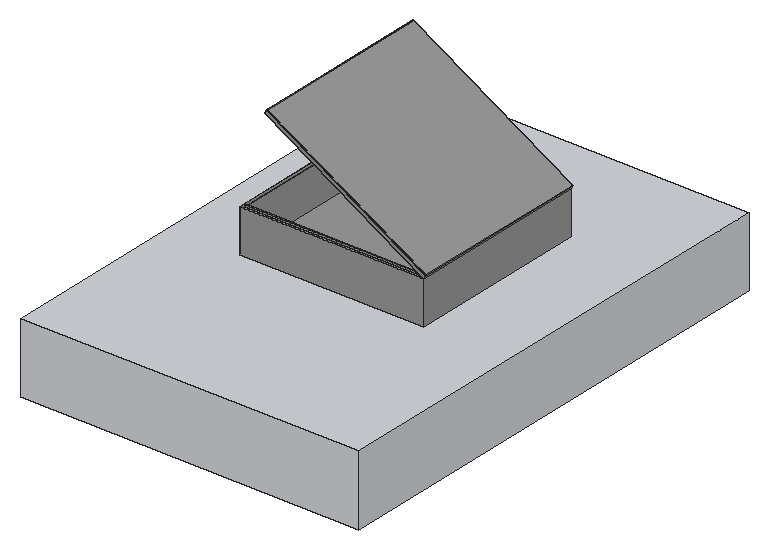
Revit family "Hager-Univers-IP44-D205-H800-Cl.II-Encl-CH-it", category Equipement électrique, Revit 2020
Family settings
  Hôte = Face
  Configuration du panneau = Deux colonnes, circuits au sein
  Cote de connecteur circulaire = Utiliser le diamètre
  Type d'élément = Tableau de raccordement
  Couper avec des vides une fois chargée = Non
  Partagée = Non
  Point de calcul de pièce = Non
Parameters (values of type "A parete IP44 L800 A800 P205  - FP53QS")
  Width Control [instance] = if([EF000008 - Larghezza] > Min Width, [EF000008 - Larghezza], Min Width)  # 800 mm
  Commentaires du type = [HG000003 - Gamma]  # "Univers"
  Thickness Door [instance] = if([EF009171 - spessore materiale porta/coperchio] > 3 mm, 3 mm, [EF009171 - spessore materiale porta/coperchio])  # 1 mm
  Seal Frame Offset [instance] = 17 mm  # constant formula
  Plinth Visibility [instance] = [HG000027 - Altezza dello zoccolo] > 0 mm  # no
  Model = ""
  Min Width [instance] = 100 mm  # constant formula
  Min Height [instance] = 100 mm  # constant formula
  Min Depth [instance] = (2 * [EF009170 - spessore materiale scatola]) + 1 mm  # 3 mm
  Internal Frame Depth [instance] = (Door System Depth * 0.5)  # 9 mm
  Height Control [instance] = if([EF000040 - Altezza] > Min Height, [EF000040 - Altezza], Min Height)  # 800 mm
  HG000027 - Altezza dello zoccolo = 0 mm
  HG000026 - A pavimento = no
  HG000024 - Altezza della sezione inferiore = 800 mm
  HG000023 - Custodia a doppia sezione = no
  HG000016 - Visibilità delle porte nella vista 3D [instance] = yes
  HG000015 - Visibilità attraverso la porta [instance] = no
  HG000014 - Porta destra [instance] = yes
  HG000013 - Porta sinistra [instance] = not([HG000014 - Porta destra])  # no
  HG000012 - Angolo di apertura della porta [instance] = 30.00°
  HG000010 - Porte asimmetriche = no
  HG000009 - Porta doppia a battente = no
  HG000006 - Ad incasso = no
  HG000004 - Codice produttore = "FP53QS"
  HG000003 - Gamma = "Univers"
  HG000002 - Con porta = yes
  Frame Offset Bottom [instance] = 10 mm  # constant formula
  Frame Offset [instance] = 15 mm  # constant formula
  EF015940 - Coprire con rilascio di sovrapressione = no
  EF011959 - tipo di protezione (NEMA) = ""
  EF009554 - numero delle aperture per la piastra della flangia = 6
  Fabricant = "Hager"  # constant formula
  EF009212 - esecuzione coperchio = "EV000116 - chiuso"
  EF009171 - spessore materiale porta/coperchio = 1 mm
  EF009170 - spessore materiale scatola = 1 mm
  EF008873 - corrente nominale (In) = 250 A
  EF007800 - adatto per parafulmine = no
  EF006306 - con serratura = no
  EF006244 - coperchio/porta trasparente = no
  EF005474 - grado di protezione (IP) = "EV006418 - IP44"
  EF004464 - tipo di porta = "EV002646 - singolo"
  EF004427 - numero di moduli = 180
  EF004293 - resistenza agli urti = "EV006815 - IK09"
  EF003532 - adatto per uso esterno = no
  EF002950 - Numero moduli DIN = 36
  EF001613 - Integrità del circuito = "EV000494 - senza"
  EF001596 - Attacco Lampada = "EV000179 - acciaio"
  EF001131 - profondità interna = 143 mm
  EF001088 - possibilità di applicazione = yes
  EF000437 - numero di ingressi per conduttori = 6
  EF000339 - tipo di copertura = "EV001012 - coperchio"
  EF000266 - numero di file = 5
  EF000218 - profondità di incasso = 0 mm
  EF000118 - con piastra di montaggio = no
  EF000116 - numero RAL = "9010"
  EF000049 - profondità = 205 mm
  EF000040 - Altezza = 800 mm
  EF000008 - Larghezza = 800 mm
  EF000007 - colore = "EV000202 - bianco"
  EF000003 - Tipo di montaggio = "EV000384 - A parete"
  Door System Leaf Tolerance [instance] = 1.5 mm  # constant formula
  Door System Depth [instance] = 18 mm  # constant formula
  Door Height [instance] = Height Control - [HG000027 - Altezza dello zoccolo]  # 800 mm
  Depth Control [instance] = if([EF000049 - profondità] > Min Depth, [EF000049 - profondità], Min Depth)  # 205 mm
  Default Elevation = 0 mm
  Connector Offset [instance] = Height Control / 2  # 400 mm
  Bottom Top Plate Trim [instance] = 1.5 mm  # constant formula
  Plinth height Ctrl [instance] = if([HG000027 - Altezza dello zoccolo] > 0 mm, [HG000027 - Altezza dello zoccolo], 12 mm)  # 12 mm
Types (5, lengths in mm): name | Width Control | HG000009 - Porta doppia a battente | HG000004 - Codice produttore | EF009554 - numero delle aperture per la piastra della flangia | EF004464 - tipo di porta | EF004427 - numero di moduli | EF002950 - Numero moduli DIN | EF000437 - numero di ingressi per conduttori | EF000008 - Larghezza
  A parete IP44 L1050 A800 P205  - FP54QS | 1050 | no | "FP54QS" | 8 | "EV003602 - doppio" | 240 | 48 | 8 | 1050
  A parete IP44 L1300 A800 P205  - FP55QS | 1300 | yes | "FP55QS" | 10 | "EV003602 - doppio" | 300 | 60 | 10 | 1300
  A parete IP44 L300 A800 P205  - FP51QS | 300 | no | "FP51QS" | 2 | "EV002646 - singolo" | 60 | 12 | 2 | 300
  A parete IP44 L550 A800 P205  - FP52QS | 550 | no | "FP52QS" | 4 | "EV002646 - singolo" | 120 | 24 | 4 | 550
  A parete IP44 L800 A800 P205  - FP53QS | 800 | no | "FP53QS" | 6 | "EV002646 - singolo" | 180 | 36 | 6 | 800
Reference planes
  plane 1 "Center (Front/Back)": y = 0
  plane 2: z = 0
  plane 3 "Center (Left/Right)": x = 0
  plane 4: z = 205
  plane 5: y = 1
  plane 6: y = 400
  plane 7: y = 0
  plane 8: y = 800
  plane 9: z = 0
  plane 10: x = -385
  plane 11: x = 385
  plane 12: x = 384
  plane 13: x = -384
  plane 14: y = 799
  plane 15: x = -383
  plane 16: x = -400
  plane 17: x = 383
  plane 18: x = 400
  plane 19: x = 399
  plane 20: x = -399
  plane 21: y = 11
  plane 22: y = 800
  plane 23: y = 784
  plane 24: z = 187
  plane 25: z = 1
  plane 26: z = 186
  plane 27: z = 204
Forms (mm)
  Extrusion 1, solid
    sketch origin (0, 0, 0) x (1, 0, 0) y (0, 1, 0)
      loop
        line (-702.964, 1305) -> (-702.964, -811.445) -> (766.763, -811.445) -> (766.763, 1305) -> (-702.964, 1305)
    from 0 to -304.8
  Extrusion 2, solid, material "Hager_Steel_RAL7035_Light_Grey", visible <- "Plinth Visibility", detail levels medium+fine
    sketch origin (0, 0, 0) x (1, 0, 0) y (0, 1, 0)
      loop
        line (-400, 0) -> (400, 0) -> (400, 12) -> (-400, 12) -> (-400, 0)
    from 0 to 187
  Extrusion 3, solid, material "Hager_Steel_RAL7035_Light_Grey", detail levels medium+fine
    sketch origin (0, 0, 0) x (1, 0, 0) y (0, 1, 0)
      loop
        line (-400, 0) -> (400, 0) -> (400, 800) -> (-400, 800) -> (-400, 0)
    from 0 to 187
  Extrusion 4, void
    sketch origin (0, 0, 0) x (1, 0, 0) y (0, 1, 0)
      loop
        line (-399, 1) -> (399, 1) -> (399, 799) -> (-399, 799) -> (-399, 1)
    from 1 to 186
  Extrusion 5, void
    sketch origin (-381.607, -4572, 187) x (0, -1, 0) y (-1, 0, 0)
      loop
        line (-4583, 2.393) -> (-5356, 2.393) -> (-5356, -765.607) -> (-4583, -765.607) -> (-4583, 2.393)
    from 0 to 1 <- "EF009170 - spessore materiale scatola"
  Extrusion 6, solid, material "Hager_Steel_RAL7035_Light_Grey", detail levels fine
    sketch origin (0, 0, 187) x (1, 0, 0) y (0, 1, 0)
      loop
        line (-384, 784) -> (-384, 11) -> (384, 11) -> (384, 784) -> (-384, 784)
      loop
        line (-385, 10) -> (385, 10) -> (385, 785) -> (-385, 785) -> (-385, 10)
    from 0 to 9 <- "Internal Frame Depth"
  Extrusion 7, solid, material "Hager_Steel_RAL7035_Light_Grey", detail levels coarse
    sketch origin (0, 0, 0) x (1, 0, 0) y (0, 1, 0)
      loop
        line (-400, 0) -> (400, 0) -> (400, 800) -> (-400, 800) -> (-400, 0)
    from 0 to 205
  Sweep 8, void
    path in 3D
      loop
        line (-400, 12, 0) -> (400, 12, 0) -> (400, 12, 187) -> (-400, 12, 187) -> (-400, 12, 0)
    profile origin (-400, 12, 93.5) x (-1, 0, 0) y (0, -1, 0)
      loop
        line (0, 0) -> (0, 1.5) -> (-1.5, 1.5)
        arc (-1.5, 1.5) -> (-1.061, 0.439) -> (0, 0) r 1.5
Cuts and joins
  Extrusion 4, Extrusion 5 cuts Extrusion 3
  Sweep 8 cuts Extrusion 2
Lines and regions (mm)
  Masking region 1
    outline origin (0, 0, 0) x (1, 0, 0) y (0, 0, 1)
      loop
        line (-400, 205) -> (-400, 0) -> (400, 0) -> (400, 205) -> (-400, 205)
  Masking region 2, detail levels medium+fine
    outline origin (0, 140, 0) x (0, 1, 0) y (0, 0, 1)
      loop
        line (-140, 0) -> (660, 0) -> (660, 187) -> (-140, 187) -> (-140, 0)
  Masking region 3, not visible, detail levels medium+fine
    outline origin (0, 297.922, 0) x (0, 1, 0) y (0, 0, 1)
      loop
        line (113.578, 0) -> (153.578, 0) -> (153.578, 194)
        arc (153.578, 194) -> (150.649, 201.071) -> (143.578, 204) r 10
        line (143.578, 204) -> (113.578, 204) -> (113.578, 0)
  Masking region 4, detail levels coarse
    outline origin (0, 0, 180) x (0, 1, 0) y (0, 0, 1)
      loop
        line (0, -180) -> (800, -180) -> (800, 25) -> (0, 25) -> (0, -180)
  Masking region 5, visible <- "Plinth Visibility", detail levels medium+fine
    outline origin (0, 52.24, 12.345) x (0, 0, -1) y (0, 1, 0)
      loop
        line (10.845, -40.24) -> (-173.155, -40.24)
        arc (-173.155, -40.24) -> (-173.594, -41.301) -> (-174.655, -41.74) r 1.5
        line (-174.655, -41.74) -> (-174.655, -52.24) -> (12.345, -52.24) -> (12.345, -41.74)
        arc (12.345, -41.74) -> (11.285, -41.301) -> (10.845, -40.24) r 1.5
  Masking region 6, detail levels medium+fine
    outline origin (-381.607, -4572, 187) x (-1, 0, 0) y (0, -1, 0)
      loop
        line (18.393, -5372) -> (18.393, -4572) -> (-781.607, -4572) -> (-781.607, -5372) -> (18.393, -5372)
  Masking region 7, visible <- "Plinth Visibility", detail levels medium+fine
    outline origin (-381.607, -4727, 187) x (-1, 0, 0) y (0, -1, 0)
      loop
        arc (16.893, -4739) -> (17.332, -4737.939) -> (18.393, -4737.5) r 1.5
        line (18.393, -4737.5) -> (18.393, -4727) -> (-781.607, -4727) -> (-781.607, -4737.5)
        arc (-781.607, -4737.5) -> (-780.546, -4737.939) -> (-780.107, -4739) r 1.5
        line (-780.107, -4739) -> (16.893, -4739)
  Masking region 8, detail levels coarse
    outline origin (-442.548, -4669.526, 187) x (-1, 0, 0) y (0, -1, 0)
      loop
        line (-42.548, -5469.526) -> (-42.548, -4669.526) -> (-842.548, -4669.526) -> (-842.548, -5469.526) -> (-42.548, -5469.526)
  sketch lines
    curve 1: line (-400, 12, 187) -> (-400, 12, 0)
    curve 2: line (400, 12, 187) -> (-400, 12, 187)
    curve 3: line (400, 12, 187) -> (400, 12, 0)
    curve 4: line (-400, 12, 0) -> (400, 12, 0)
Dimensions and locks
  "Depth Control": plane 4 to Extrusion 1
  "HG000027 - Altezza dello zoccolo": plane 1 "Center (Front/Back)" to plane 7
  "EF009170 - spessore materiale scatola": plane 5 to plane 7
  locked: connector elem to plane 3 "Center (Left/Right)"
  equal spacing: plane 8, plane 6, plane 7
  locked: connector elem to plane 6
  "EF009170 - spessore materiale scatola": plane 8 to plane 14
  "EF009170 - spessore materiale scatola": plane 10 to plane 13
  "EF009170 - spessore materiale scatola": plane 12 to plane 11
  "Frame Offset": plane 20 to plane 13
  "Frame Offset": plane 12 to plane 19
  "EF009170 - spessore materiale scatola": plane 16 to plane 20
  "EF009170 - spessore materiale scatola": plane 19 to plane 18
  "Seal Frame Offset": plane 16 to plane 15
  "Seal Frame Offset": plane 17 to plane 18
  "Frame Offset Bottom": plane 21 to plane 5
  "Frame Offset": plane 14 to plane 23
  equal spacing: plane 16, plane 3 "Center (Left/Right)", plane 18
  "Width Control": plane 16 to plane 18
  "EF009170 - spessore materiale scatola": plane 4 to plane 27
  "EF009170 - spessore materiale scatola": plane 24 to plane 26
  "EF009170 - spessore materiale scatola": plane 25 to level
  "Door System Depth": plane 4 to plane 24
  "Height Control": plane 1 "Center (Front/Back)" to Extrusion 7 sketch curve
  "Height Control": Masking region 4 sketch curve to plane 1 "Center (Front/Back)"
  "Height Control": plane 1 "Center (Front/Back)" to plane 22
  "Bottom Top Plate Trim": profile plane to Sweep 8 sketch curve
  "Bottom Top Plate Trim": Sweep 8 sketch curve to profile plane
  "Plinth height Ctrl": plane 1 "Center (Front/Back)" to Extrusion 2 sketch curve
  "Plinth height Ctrl": Masking region 5 sketch curve to plane 1 "Center (Front/Back)"
  "Plinth height Ctrl": plane 1 "Center (Front/Back)" to Masking region 7 sketch curve
  "Thickness Door": Extrusion 6 sketch curve to Extrusion 6 sketch curve  (x3)
  "Thickness Door": cut or joined group of Extrusion 3, Extrusion 4, Extrusion 5 to Extrusion 6 sketch curve
  radius of Masking region 3 sketch curve = 10 mm
  "Bottom Top Plate Trim": radius of Masking region 5 sketch curve  (x2)
  "Bottom Top Plate Trim": radius of Sweep 8 sketch curve
  "Bottom Top Plate Trim": radius of Masking region 7 sketch curve  (x2)
  aligned and locked: plane 2 to Extrusion 1
  aligned and locked: level to Extrusion 1
  aligned and locked: level to Masking region 1 sketch curve
  aligned and locked: Masking region 1 sketch curve to plane 18
  aligned and locked: Masking region 1 sketch curve to plane 16
  aligned and locked: plane 7 to Masking region 2 sketch curve
  aligned and locked: level to Masking region 3 sketch curve
  aligned and locked: Masking region 3 sketch curve to plane 27
  aligned and locked: level to Masking region 2 sketch curve
  aligned and locked: plane 1 "Center (Front/Back)" to Extrusion 2 sketch curve
  aligned and locked: Extrusion 3 sketch curve to plane 7
  aligned and locked: plane 16 to Extrusion 3 sketch curve
  aligned and locked: plane 18 to Extrusion 3 sketch curve
  aligned and locked: plane 20 to Extrusion 4 sketch curve
  aligned and locked: plane 19 to Extrusion 4 sketch curve
  aligned and locked: Extrusion 4 sketch curve to plane 5
  aligned and locked: Extrusion 4 to plane 25
  aligned and locked: plane 26 to Extrusion 4
  aligned and locked: plane 24 to Extrusion 3
  aligned and locked: Extrusion 5 sketch curve to plane 21
  aligned and locked: Extrusion 5 sketch curve to plane 13
  aligned and locked: Extrusion 5 sketch curve to plane 12
  aligned and locked: plane 18 to Extrusion 7 sketch curve
  aligned and locked: plane 1 "Center (Front/Back)" to Extrusion 7 sketch curve
  aligned and locked: plane 16 to Extrusion 7 sketch curve
  aligned and locked: plane 4 to Extrusion 7
  aligned and locked: Extrusion 7 to level
  aligned and locked: level to Masking region 4 sketch curve
  aligned and locked: Masking region 4 sketch curve to plane 1 "Center (Front/Back)"
  aligned and locked: Masking region 4 sketch curve to plane 4
  aligned and locked: nested 1 to level
  aligned and locked: nested 1 to plane 16
  aligned and locked: plane 8 to Extrusion 3 sketch curve
  aligned and locked: plane 23 to Extrusion 5 sketch curve
  aligned and locked: plane 14 to Extrusion 4 sketch curve
  aligned and locked: Masking region 2 sketch curve to plane 8
  aligned and locked: level to Masking region 5 sketch curve
  aligned and locked: plane 16 to Extrusion 2 sketch curve
  aligned and locked: plane 18 to Extrusion 2 sketch curve
  aligned and locked: Masking region 5 sketch curve to plane 24
  aligned and locked: Masking region 2 sketch curve to plane 24
  aligned and locked: plane 24 to Extrusion 2
  aligned and locked: profile plane to Sweep 8 sketch curve  (x2)
  aligned and locked: Masking region 6 sketch curve to plane 18
  aligned and locked: Masking region 6 sketch curve to plane 22
  aligned and locked: Masking region 6 sketch curve to plane 16
  aligned and locked: plane 8 to plane 22
  aligned and locked: Masking region 6 sketch curve to plane 7
  aligned and locked: Masking region 7 sketch curve to plane 16
  aligned and locked: Masking region 7 sketch curve to plane 1 "Center (Front/Back)"
  aligned and locked: Masking region 7 sketch curve to plane 18
  aligned and locked: Masking region 8 sketch curve to plane 1 "Center (Front/Back)"
  aligned and locked: Masking region 8 sketch curve to plane 18
  aligned and locked: Masking region 8 sketch curve to plane 22
  aligned and locked: Masking region 8 sketch curve to plane 16
  aligned and locked: nested 2 to plane 7
  aligned and locked: plane 3 "Center (Left/Right)" to nested 2
  aligned and locked: nested 2 to plane 24
  aligned and locked: Extrusion 6 sketch curve to cut or joined group of Extrusion 3, Extrusion 4, Extrusion 5  (x4)
Automatic sketch dimensions
  Extrusion 1 sketch curve to Extrusion 1 sketch curve = 1469.727 mm
  Extrusion 1 sketch curve to Extrusion 1 sketch curve = 2116.445 mm
  Masking region 1 sketch curve to plane 4 = 0 mm
  plane 6 to Masking region 3 sketch curve = 11.5 mm
  Masking region 3 sketch curve to Masking region 3 sketch curve = 30 mm
  Masking region 5 sketch curve to plane 1 "Center (Front/Back)" = 0 mm
Nested families
  nested 1: "Hager_Enclosure_Symbol" at (-400, 0, 0) x (1, 0, 0) z (0, -1, 0), Height <- "Depth Control", Width <- "Width Control", type "Hager_Enclosure_Symbol"
    with Width_Ctrl 800 mm, Width 800 mm, Height_Ctrl 205 mm, Height 205 mm, A_Width_Int 13.453 mm, A_Width 161.438 mm, A_Height_Ctrl 179.375 mm, A_Height 179.375 mm
  nested 2: "EC000058_Univers_Door" at (0, 0, 187) x (1, 0, 0) z (0, 1, 0), Leaf_Tolerance <- "Door System Leaf Tolerance", Angle <- "HG000012 - Angolo di apertura della porta", Door_Depth <- "Door System Depth", Door_Left <- "HG000013 - Porta sinistra", Transparent <- "EF006244 - coperchio/porta trasparente", Assymetrical <- "HG000010 - Porte asimmetriche", Width <- "Width Control", Clearance <- "HG000015 - Visibilità attraverso la porta", Double <- "HG000009 - Porta doppia a battente", 3d_Door <- "HG000016 - Visibilità delle porte nella vista 3D", Lock_Visibility <- "EF006306 - con serratura", Width_Ctrl <- "Width Control", Door_Right <- "HG000014 - Porta destra", Door <- "HG000002 - Con porta", Height <- "Door Height", Thickness <- "Thickness Door", type "EC000058_Univers_Door", detail levels medium+fine
    with min_wh 3 mm, Width_Ctrl 800 mm, Width 800 mm, Transparent no, Thickness 1 mm, Seal_Material Hager_Rubber, Lock_Visibility no, Lock_Material Hager_Plastic_RAL9005_Jet_Black, Leaf_Width 800 mm, Leaf_Tolerance_External_Sides 0 mm, Leaf_Tolerance 1.5 mm, Leaf_Offset 0 mm, Leaf_Height 797 mm, Leaf_2_Width 800 mm, Leaf_2_Offset 400 mm, Leaf_1_Width 800 mm, Leaf_1_Offset 400 mm, Height_Ctrl 800 mm, Height 800 mm, Glass_Material Hager_Glass, Double_Clearance_Ctrl no, Double no, Door_Right_Ctrl yes, Door_Right yes, Door_Material Hager_Steel_RAL7035_Light_Grey, Door_Left_Ctrl no, Door_Left no, Door_Depth 18 mm, Door yes, Clearance_Material Hager_Clearance, Clearance_Depth 800 mm, Clearance_Ctrl no, Clearance no, Assymetrical no, Angle 30.00°, 3d_Door yes
Connectors
  electrical at (0, 400, 0)
    settings: on plane 9, index 1, voltage 0 V, apparent load 0 VA, apparent load phase1 0 VA, apparent load phase2 0 VA, apparent load phase3 0 VA, power factor 1, load classification "Other", number of poles 1, system type 30, power factor state 1, is connector primary yes, connector utility no, sub classification motor no, connector description ""
Definition of nested family "EC000058_Univers_Door"
  Parameters (values of type "EC000058_Univers_Door")
    min_wh [instance] = (2 * Thickness) + 1 mm  # 11 mm
    Width_Ctrl [instance] = 400 mm
    Width [instance] = 500 mm
    Transparent [instance] = yes
    Thickness [instance] = 5 mm
    Seal_Material [instance] = none
    Lock_Visibility [instance] = yes
    Lock_Material [instance] = none
    Leaf_Width [instance] = if((Width_Ctrl - 2 * Leaf_Tolerance_External_Sides) > 0 mm, (Width_Ctrl - 2 * Leaf_Tolerance_External_Sides), min_wh)  # 400 mm
    Leaf_Tolerance_External_Sides [instance] = 0 mm  # constant formula
    Leaf_Tolerance [instance] = 1.5 mm
    Leaf_Offset [instance] = 0 mm  # constant formula
    Leaf_Height [instance] = if((Height_Ctrl - 2 * Leaf_Tolerance) > 0 mm, (Height_Ctrl - 2 * Leaf_Tolerance), min_wh)  # 497 mm
    Leaf_2_Width [instance] = if(and(and(Double, Assymetrical), Door_Left), (Leaf_Width / 3) - (Leaf_Tolerance / 2), if(and(and(Double, Assymetrical), Door_Right), (Leaf_Width / 3) * 2 - (Leaf_Tolerance / 2), if(and(Double, not(Assymetrical)), (Leaf_Width / 2) - Leaf_Tolerance, Leaf_Width)))  # 400 mm
    Leaf_2_Offset [instance] = if(and(Double, Assymetrical), Leaf_2_Width / 2, if(and(Double, not(Assymetrical)), Leaf_Width / 4, Leaf_Width / 2))  # 200 mm
    Leaf_1_Width [instance] = if(and(and(Double, Assymetrical), Door_Right), (Leaf_Width / 3) - (Leaf_Tolerance / 2), if(and(and(Double, Assymetrical), Door_Left), (Width / 3) * 2 - (Leaf_Tolerance / 2), if(and(Double, not(Assymetrical)), (Leaf_Width / 2) - Leaf_Tolerance, Leaf_Width)))  # 400 mm
    Leaf_1_Offset [instance] = if(and(Double, Assymetrical), Leaf_1_Width / 2, if(and(Double, not(Assymetrical)), Leaf_Width / 4, Leaf_Width / 2))  # 200 mm
    Height_Ctrl [instance] = if(Height > min_wh, Height, min_wh)  # 500 mm
    Height [instance] = 500 mm
    Glass_Material [instance] = none
    Double_Clearance_Ctrl [instance] = and(Double, Clearance)  # no
    Double [instance] = no
    Door_Right_Ctrl [instance] = and(or(Door_Right, Double), Door)  # yes
    Door_Right [instance] = yes
    Door_Material [instance] = none
    Door_Left_Ctrl [instance] = and(or(Door_Left, Double), Door)  # no
    Door_Left [instance] = no
    Door_Depth [instance] = 30 mm
    Door [instance] = yes
    Default Elevation = 1219.2 mm
    Clearance_Material [instance] = none
    Clearance_Depth [instance] = if(Leaf_1_Width > Leaf_2_Width, Leaf_1_Width, Leaf_2_Width)  # 400 mm
    Clearance_Ctrl [instance] = and(not(Double), Clearance)  # yes
    Clearance [instance] = yes
    Assymetrical [instance] = yes
    Angle [instance] = 30.00°
    3d_Door [instance] = yes
  Reference planes
    plane 1 "Center (Front/Back)": y = 0
    plane 2 "Bottom": z = 0
    plane 3 "Center (Left/Right)": x = 0
    plane 4: z = 500
    plane 5: x = -200
    plane 6: x = 200
    plane 7: z = 500
    plane 8: x = -200
    plane 9: z = 0
    plane 10: x = 200
    plane 11: y = 0
    plane 12: z = 1.5
    plane 13: x = -600
    plane 14: y = -400
    plane 15: x = 600
    plane 16: x = 0
    plane 17: x = 0
    plane 18: x = -200
    plane 19: x = 200
    plane 20: z = 498.5
  Forms (mm)
    Extrusion 1, solid, material <- "Clearance_Material", visible <- "Double_Clearance_Ctrl"
      sketch origin (1200, 0, 0) x (1, 0, 0) y (0, 0, -1)
        loop
          line (-1800, -498.5) -> (-600, -498.5) -> (-600, 0) -> (-1800, 0) -> (-1800, -498.5)
      from 0 to -400
  Dimensions and locks
    equal spacing: plane 5, plane 3 "Center (Left/Right)", plane 6
    "Width_Ctrl": plane 5 to plane 6
    "Leaf_Offset": plane 5 to plane 8
    "Leaf_Offset": plane 6 to plane 10
    "Leaf_Offset": plane 9 to level
    "Leaf_Offset": plane 4 to plane 7
    "Height_Ctrl": plane 4 to level
    "Leaf_Tolerance": plane 12 to plane 9
    locked: plane 11 to plane 1 "Center (Front/Back)"
    "Leaf_1_Offset": plane 18 to plane 16
    "Leaf_2_Offset": plane 17 to plane 19
    "Leaf_1_Width": plane 13 to plane 8
    "Leaf_2_Width": plane 10 to plane 15
    "Clearance_Depth": plane 14 to plane 1 "Center (Front/Back)"
    "Leaf_Tolerance_External_Sides": plane 8 to plane 18
    "Leaf_Tolerance_External_Sides": plane 19 to plane 10
    "Leaf_Tolerance": plane 7 to plane 20
    aligned and locked: level to plane 2 "Bottom"
    aligned and locked: nested 1 to plane 16
    aligned and locked: nested 2 to plane 17
    aligned and locked: Extrusion 1 to plane 13
    aligned and locked: plane 15 to Extrusion 1
    aligned and locked: Extrusion 1 to plane 14
    aligned and locked: plane 12 to nested 1
    aligned and locked: nested 2 to plane 12
    aligned and locked: Extrusion 1 to plane 11
    aligned and locked: plane 20 to Extrusion 1
    aligned and locked: nested 2 to plane 11
    aligned and locked: nested 1 to plane 11
  Automatic sketch dimensions
    Extrusion 1 sketch curve to level = 0 mm
    plane 5 to Extrusion 1 sketch curve = 400 mm
    plane 6 to Extrusion 1 sketch curve = 400 mm
    Extrusion 1 sketch curve to plane 4 = 1.5 mm
  Nested families
    nested 1: "EC000058_Univers_Door_Leaf" at (0, 0, 1.5), Width <- "Leaf_1_Width", visible <- "Door_Left_Ctrl", Leaf_Height <- "Leaf_Height", Angle <- "Angle", 3d_Door <- "3d_Door", Transparent <- "Transparent", Clearance Material <- "Clearance_Material", Clearance <- "Clearance_Ctrl", Door_Material <- "Door_Material", Glass_Material <- "Glass_Material", Door_Depth <- "Door_Depth", Lock_Material <- "Lock_Material", Seal_Material <- "Seal_Material", Lock_Visibility <- "Lock_Visibility", Thickness <- "Thickness", type "EC000058_Univers_Door_Leaf"
      with Width 400 mm, Transparent_Glass_Offset 30 mm, Transparent_Ctrl yes, Transparent yes, Thickness 5 mm, Standard no, Seal_Material none, Seal_D2 8 mm, Seal_D1 1 mm, Offset_Internal_Frame 10 mm, Lock_Width 20 mm, Lock_Visibility_3d yes, Lock_Visibility yes, Lock_Thickness_3 3 mm, Lock_Thickness_2 1 mm, Lock_Thickness_1 3 mm, Lock_Radius_Offset_2 16 mm, Lock_Radius_Offset_1 15 mm, Lock_Radius_2 5 mm, Lock_Radius 6 mm, Lock_Offset 5 mm, Lock_Material none, Lock_Height 80 mm, Lock_Cover_Top_Offset_2d 17 mm, Lock_Cover_Height -65 mm, Leaf_Height 497 mm, Internal_Seal_Thickness 8 mm, Internal_Seal_Depth_2 4.5 mm, Internal_Frame_Depth 25 mm, Glass_Thickness -1 mm, Glass_Offset -2 mm, Glass_Material none, Door_Material none, Door_Depth 30 mm, Clearance Material none, Clearance yes, Angle_Ctrl 30.00°, Angle 30.00°, 3d_Door yes
    nested 2: "EC000058_Univers_Door_Leaf" at (0, 0, 1.5) x (-1, 0, 0) z (0, 0, 1), Width <- "Leaf_2_Width", visible <- "Door_Right_Ctrl", Leaf_Height <- "Leaf_Height", Angle <- "Angle", 3d_Door <- "3d_Door", Transparent <- "Transparent", Clearance Material <- "Clearance_Material", Clearance <- "Clearance_Ctrl", Door_Material <- "Door_Material", Glass_Material <- "Glass_Material", Door_Depth <- "Door_Depth", Lock_Material <- "Lock_Material", Seal_Material <- "Seal_Material", Lock_Visibility <- "Lock_Visibility", Thickness <- "Thickness", type "EC000058_Univers_Door_Leaf"
      with Width 400 mm, Transparent_Glass_Offset 30 mm, Transparent_Ctrl yes, Transparent yes, Thickness 5 mm, Standard no, Seal_Material none, Seal_D2 8 mm, Seal_D1 1 mm, Offset_Internal_Frame 10 mm, Lock_Width 20 mm, Lock_Visibility_3d yes, Lock_Visibility yes, Lock_Thickness_3 3 mm, Lock_Thickness_2 1 mm, Lock_Thickness_1 3 mm, Lock_Radius_Offset_2 16 mm, Lock_Radius_Offset_1 15 mm, Lock_Radius_2 5 mm, Lock_Radius 6 mm, Lock_Offset 5 mm, Lock_Material none, Lock_Height 80 mm, Lock_Cover_Top_Offset_2d 17 mm, Lock_Cover_Height -65 mm, Leaf_Height 497 mm, Internal_Seal_Thickness 8 mm, Internal_Seal_Depth_2 4.5 mm, Internal_Frame_Depth 25 mm, Glass_Thickness -1 mm, Glass_Offset -2 mm, Glass_Material none, Door_Material none, Door_Depth 30 mm, Clearance Material none, Clearance yes, Angle_Ctrl 30.00°, Angle 30.00°, 3d_Door yes
  Definition of nested family "EC000058_Univers_Door_Leaf"
    Parameters (values of type "EC000058_Univers_Door_Leaf")
      Width [instance] = 2000 mm
      Transparent_Glass_Offset [instance] = 30 mm
      Transparent_Ctrl [instance] = and(Transparent, [3d_Door])  # yes
      Transparent [instance] = yes
      Thickness [instance] = 5 mm
      Standard [instance] = and(not(Transparent), [3d_Door])  # no
      Seal_Material [instance] = none
      Seal_D2 [instance] = 8 mm  # constant formula
      Seal_D1 [instance] = 1 mm  # constant formula
      Offset_Internal_Frame [instance] = 10 mm  # constant formula
      Lock_Width [instance] = 20 mm  # constant formula
      Lock_Visibility_3d [instance] = and(Lock_Visibility, [3d_Door])  # yes
      Lock_Visibility [instance] = yes
      Lock_Thickness_3 [instance] = 3 mm  # constant formula
      Lock_Thickness_2 [instance] = 1 mm  # constant formula
      Lock_Thickness_1 [instance] = 3 mm  # constant formula
      Lock_Radius_Offset_2 [instance] = Lock_Radius_Offset_1 + 1 mm  # 16 mm
      Lock_Radius_Offset_1 [instance] = 15 mm  # constant formula
      Lock_Radius_2 [instance] = Lock_Radius - 1 mm  # 5 mm
      Lock_Radius [instance] = 6 mm  # constant formula
      Lock_Offset [instance] = 5 mm  # constant formula
      Lock_Material [instance] = none
      Lock_Height [instance] = 80 mm  # constant formula
      Lock_Cover_Top_Offset_2d [instance] = Lock_Radius_Offset_2 + 1 mm  # 17 mm
      Lock_Cover_Height [instance] = -(Lock_Height - Lock_Radius_Offset_1)  # -65 mm
      Leaf_Height [instance] = 2720.336 mm
      Internal_Seal_Thickness [instance] = 8 mm  # constant formula
      Internal_Seal_Depth_2 [instance] = 4.5 mm  # constant formula
      Internal_Frame_Depth [instance] = if(Door_Depth - Thickness > 5 mm, Door_Depth - Thickness, 5 mm)  # 25 mm
      Glass_Thickness [instance] = if(Thickness > 15 mm, Glass_Offset + 10 mm, -1 mm)  # -1 mm
      Glass_Offset [instance] = if(Thickness > 15 mm, -(Thickness + 10 mm) / 2, -2 mm)  # -2 mm
      Glass_Material [instance] = none
      Door_Material [instance] = none
      Door_Depth [instance] = 30 mm
      Default Elevation = 0 mm
      Clearance Material [instance] = none
      Clearance [instance] = yes
      Angle_Ctrl [instance] = if(Angle > 180.00°, 180.00°, Angle)  # 90.00°
      Angle [instance] = 90.00°
      3d_Door [instance] = yes
    Reference planes
      plane 1 "Center (Front/Back)": y = 0
      plane 2: z = 0
      plane 3 "Center (Left/Right)": x = 0
      plane 4: y = 2000
      plane 5: x = -1000
      plane 6: x = 1000
      plane 7: x = -3000
      plane 8: z = 2720.336
      plane 9: z = 30
      plane 10: z = 2690.336
      plane 11: x = 970
      plane 12: x = -970
      plane 13: y = -3
      plane 14: z = 107.833
      plane 15: y = -5
      plane 16: y = -223.314
      plane 17: x = -1000
      plane 18: z = 1360.168
      plane 19: y = 30
    Forms (mm)
      Extrusion 1, solid, material <- "Clearance Material", visible <- "Clearance"
        sketch origin (0, 0, 0) x (1, 0, 0) y (0, 0, 1)
          loop
            line (-3000, 2720.336) -> (-3000, 0) -> (1000, 0) -> (1000, 2720.336) -> (-3000, 2720.336)
        from 0 to -2000
      Extrusion 2, solid, material <- "Door_Material", visible <- "Standard", detail levels medium+fine
        sketch origin (-1000, 0, 0) x (0, 1, 0) y (-1, 0, 0)
          loop
            line (0, 30) -> (0, 25) -> (2000, 25) -> (2000, 30) -> (0, 30)
        from 0 to 2720.336 <- "Leaf_Height"
      Extrusion 3, solid, material <- "Door_Material", visible <- "Transparent_Ctrl", detail levels medium+fine
        sketch origin (-1000, 0, 0) x (0, 1, 0) y (-1, 0, 0)
          loop
            line (0, 25) -> (2000, 25) -> (2000, 30) -> (0, 30) -> (0, 25)
        from 0 to 2720.336 <- "Leaf_Height"
      Extrusion 4, void
        sketch origin (-1025, 2000, 0) x (0, 1, 0) y (0, 0, -1)
          loop
            line (-30, -2690.336) -> (-30, -30) -> (-1970, -30) -> (-1970, -2690.336) -> (-30, -2690.336)
        from 0 to 5 <- "Thickness"
      Sweep 5, solid, material <- "Seal_Material", visible <- "Transparent_Ctrl", detail levels fine
        path in 3D
          loop
            line (-1025, 30, 30) -> (-1025, 30, 2690.336) -> (-1025, 1970, 2690.336) -> (-1025, 1970, 30) -> (-1025, 30, 30)
        profile origin (-1025, 1000, 30) x (1, 0, 0) y (0, 0, 1)
          loop
            line (0, 0) -> (0, -8) -> (1, -8) -> (1, 0) -> (0, 0)
      Extrusion 6, solid, material <- "Glass_Material", visible <- "Transparent_Ctrl", detail levels medium+fine
        sketch origin (-1030, 0, 0) x (0, 1, 0) y (0, 0, -1)
          loop
            line (1970, -2690.336) -> (1970, -30) -> (30, -30) -> (30, -2690.336) -> (1970, -2690.336)
        from -2 <- "Glass_Offset" to -1 <- "Glass_Thickness"
      Extrusion 7, solid, material <- "Door_Material", visible <- "3d_Door", detail levels medium+fine
        sketch origin (-1025, 2000, 0) x (0, -1, 0) y (0, 0, -1)
          loop
            line (0, -2720.336) -> (2000, -2720.336) -> (2000, 0) -> (0, 0) -> (0, -2720.336)
          loop
            line (1995, -5) -> (5, -5) -> (5, -2715.336) -> (1995, -2715.336) -> (1995, -5)
        from 0 to 25 <- "Internal_Frame_Depth"
      Sweep 8, solid, material <- "Seal_Material", visible <- "Transparent_Ctrl", detail levels fine
        path in 3D
          loop
            line (-1025, 0, 0) -> (-1025, 2000, 0) -> (-1025, 2000, 2720.336) -> (-1025, 0, 2720.336) -> (-1025, 0, 0)
        profile origin (-1025, 0, 1360.168) x (1, 0, 0) y (0, 1, 0)
          loop
            line (0, 10) -> (2.975, 10)
            arc (2.975, 10) -> (4.053, 10.447) -> (4.5, 11.525) r 1.525
            line (4.5, 11.525) -> (4.5, 16.527)
            arc (4.5, 16.527) -> (4.069, 17.569) -> (3.027, 18) r 1.473
            line (3.027, 18) -> (0, 18) -> (0, 10)
      Extrusion 9, solid, material <- "Lock_Material", visible <- "Lock_Visibility_3d", detail levels fine
        sketch origin (-1030, 0, 0) x (0, 1, 0) y (0, 0, -1)
          loop
            arc (1993.5, -1400.168) -> (1994.561, -1399.729) -> (1995, -1398.668) r 1.5
            line (1995, -1398.668) -> (1995, -1320.168) -> (1975, -1320.168) -> (1975, -1398.668)
            arc (1975, -1398.668) -> (1975.439, -1399.729) -> (1976.5, -1400.168) r 1.5
            line (1976.5, -1400.168) -> (1993.5, -1400.168)
        from 3 <- "Lock_Thickness_1" to 0
      Blend 10, solid, material <- "Lock_Material", visible <- "Lock_Visibility_3d", detail levels fine
        base sketch origin (-1033, 0, 0) x (0, 1, 0) y (0, 0, -1)
          loop
            line (1975, -1320.168) -> (1975, -1398.668)
            arc (1975, -1398.668) -> (1975.439, -1399.729) -> (1976.5, -1400.168) r 1.5
            line (1976.5, -1400.168) -> (1993.5, -1400.168)
            arc (1993.5, -1400.168) -> (1994.561, -1399.729) -> (1995, -1398.668) r 1.5
            line (1995, -1398.668) -> (1995, -1320.168) -> (1975, -1320.168)
        top sketch origin (-1033, 0, 0) x (0, 1, 0) y (0, 0, -1)
          loop
            line (1976, -1320.168) -> (1976, -1398.668)
            arc (1976, -1398.668) -> (1976.146, -1399.022) -> (1976.5, -1399.168) r 0.5
            line (1976.5, -1399.168) -> (1993.5, -1399.168)
            arc (1993.5, -1399.168) -> (1993.854, -1399.022) -> (1994, -1398.668) r 0.5
            line (1994, -1398.668) -> (1994, -1320.168) -> (1976, -1320.168)
        from 0 to 1 <- "Lock_Thickness_2"
      Blend 11, solid, material <- "Lock_Material", visible <- "Lock_Visibility_3d", detail levels fine
        base sketch origin (-1034, 0, 0) x (0, 1, 0) y (0, 0, -1)
          loop
            line (1978, -1320.168) -> (1978, -1384.168)
            arc (1978, -1384.168) -> (1985, -1391.168) -> (1992, -1384.168) r 7
            line (1992, -1384.168) -> (1992, -1320.168) -> (1978, -1320.168)
        top sketch origin (-1034, 0, 0) x (0, 1, 0) y (0, 0, -1)
          loop
            line (1991, -1320.168) -> (1979, -1320.168) -> (1979, -1383.168)
            arc (1979, -1383.168) -> (1985, -1389.168) -> (1991, -1383.168) r 6
            line (1991, -1383.168) -> (1991, -1320.168)
        from 0 to 3 <- "Lock_Thickness_3"
      Extrusion 12, solid, material <- "Lock_Material", visible <- "Lock_Visibility_3d", detail levels fine
        sketch origin (-1030, 1975, 1320.168) x (1, 0, 0) y (0, -1, 0)
          loop
            line (-7, -19) -> (-7, -1) -> (0, -1) -> (0, 0) -> (-8, 0) -> (-8, -20) -> (0, -20) -> (0, -19) -> (-7, -19)
        from 0 to -65 <- "Lock_Cover_Height"
      Extrusion 13, void
        sketch origin (-1038, 1995, 1320.168) x (-1, 0, 0) y (0, 0, -1)
          loop
            line (-5, -65) -> (0, -65) -> (-5, -60) -> (-5, -65)
        from 0 to 20 <- "Lock_Width"
      Extrusion 14, void
        sketch origin (-1038, 1975, 1320.168) x (0, -1, 0) y (0, 0, -1)
          loop
            circle (-10, -15.995) r 6
          loop
            circle (-10, -15.995) r 5
        from 0 to 2
      Extrusion 15, solid, material <- "Lock_Material", visible <- "Lock_Visibility_3d", detail levels medium
        sketch origin (-1030, 0, 0) x (0, 1, 0) y (0, 0, -1)
          loop
            arc (1993.5, -1400.168) -> (1994.561, -1399.729) -> (1995, -1398.668) r 1.5
            line (1995, -1398.668) -> (1995, -1320.168) -> (1975, -1320.168) -> (1975, -1398.668)
            arc (1975, -1398.668) -> (1975.439, -1399.729) -> (1976.5, -1400.168) r 1.5
            line (1976.5, -1400.168) -> (1993.5, -1400.168)
        from 8 to 0
    Cuts and joins
      Extrusion 4 cuts Extrusion 3
      Extrusion 13, Extrusion 14 cuts Extrusion 9
      Extrusion 14 cuts Blend 11
      Extrusion 13, Extrusion 14 cuts Extrusion 12
      joined: Extrusion 9, Blend 10, Blend 11, Extrusion 12
      Extrusion 14 cuts Extrusion 15
    Lines and regions (mm)
      Masking region 1, visible <- "Lock_Visibility", detail levels fine
        outline origin (0, 0, 0) x (0, 1, 0) y (0, 0, 1)
          loop
            line (30, 1320.168) -> (33, 1320.168) -> (33, 1400.168) -> (30, 1400.168) -> (30, 1320.168)
      Masking region 2, visible <- "Lock_Visibility", detail levels fine
        outline origin (0, 3.143, 0) x (0, 1, 0) y (0, 0, 1)
          loop
            line (29.857, 1354.168) -> (30.857, 1354.168) -> (30.857, 1366.168) -> (29.857, 1366.168) -> (29.857, 1354.168)
      Masking region 3, detail levels medium+fine
        outline origin (0, 0, 0) x (0, 1, 0) y (0, 0, 1)
          loop
            line (0, 0) -> (30, 0) -> (30, 2720.336) -> (0, 2720.336) -> (0, 0)
      Masking region 4, detail levels medium+fine
        outline origin (0, 0, 0) x (1, 0, 0) y (0, 0, 1)
          loop
            line (-1000, 2720.336) -> (-1000, 0) -> (1000, 0) -> (1000, 2720.336) -> (-1000, 2720.336)
      Masking region 5, visible <- "Lock_Visibility", detail levels fine
        outline origin (-47.116, 0, 0) x (1, 0, 0) y (0, 0, 1)
          loop
            arc (1024.616, 1399.168) -> (1023.556, 1398.729) -> (1023.116, 1397.668) r 1.5
            line (1023.116, 1397.668) -> (1023.116, 1320.168) -> (1041.116, 1320.168) -> (1041.116, 1397.668)
            arc (1041.116, 1397.668) -> (1040.677, 1398.729) -> (1039.616, 1399.168) r 1.5
            line (1039.616, 1399.168) -> (1024.616, 1399.168)
      Masking region 6, visible <- "Lock_Visibility", detail levels medium+fine
        outline origin (-25, 0, 0) x (1, 0, 0) y (0, 0, 1)
          loop
            arc (1001.5, 1400.168) -> (1000.439, 1399.729) -> (1000, 1398.668) r 1.5
            line (1000, 1398.668) -> (1000, 1320.168) -> (1020, 1320.168) -> (1020, 1398.668)
            arc (1020, 1398.668) -> (1019.561, 1399.729) -> (1018.5, 1400.168) r 1.5
            line (1018.5, 1400.168) -> (1001.5, 1400.168)
      Masking region 7, visible <- "Lock_Visibility", detail levels fine
        outline origin (-73.735, 0, 0) x (1, 0, 0) y (0, 0, 1)
          loop
            line (1051.735, 1382.168) -> (1065.735, 1382.168) -> (1065.735, 1384.168)
            arc (1065.735, 1384.168) -> (1058.735, 1391.168) -> (1051.735, 1384.168) r 7
            line (1051.735, 1384.168) -> (1051.735, 1382.168)
      Masking region 8, visible <- "Lock_Visibility", detail levels fine
        outline origin (-73.735, 0, 0) x (1, 0, 0) y (0, 0, 1)
          loop
            line (1052.735, 1382.168) -> (1064.735, 1382.168) -> (1064.735, 1383.168)
            arc (1064.735, 1383.168) -> (1058.735, 1389.168) -> (1052.735, 1383.168) r 6
            line (1052.735, 1383.168) -> (1052.735, 1382.168)
      Masking region 9, visible <- "Lock_Visibility", detail levels fine
        outline origin (-25, 0, 0) x (1, 0, 0) y (0, 0, 1)
          loop
            line (1020, 1320.168) -> (1020, 1382.168) -> (1000, 1382.168) -> (1000, 1320.168) -> (1020, 1320.168)
      Masking region 10, detail levels medium+fine
        outline origin (0, 0, 0) x (1, 0, 0) y (0, 0, 1)
          loop
            circle (985, 1335.144) r 6
      Masking region 11, detail levels fine
        outline origin (0, 0, 0) x (1, 0, 0) y (0, 0, 1)
          loop
            circle (985, 1335.144) r 5
      Masking region 12, visible <- "Lock_Visibility", detail levels fine
        outline origin (0, 12.767, 0) x (0, 1, 0) y (0, 0, 1)
          loop
            line (20.233, 1320.168) -> (21.233, 1320.168) -> (21.233, 1399.168) -> (20.233, 1400.168) -> (20.233, 1320.168)
      Masking region 13, visible <- "Lock_Visibility", detail levels fine
        outline origin (0, 13.767, -10) x (0, 1, 0) y (0, 0, 1)
          loop
            line (20.233, 1330.168) -> (23.233, 1330.168) -> (23.233, 1399.168) -> (20.233, 1402.168) -> (20.233, 1330.168)
      Masking region 14, visible <- "Lock_Visibility", detail levels fine
        outline origin (0, 12.767, -10) x (0, 1, 0) y (0, 0, 1)
          loop
            line (20.233, 1330.168) -> (25.233, 1330.168) -> (25.233, 1399.305) -> (20.233, 1394.305) -> (20.233, 1330.168)
      Masking region 15, visible <- "Lock_Visibility", detail levels medium
        outline origin (0, 0, 0) x (0, 1, 0) y (0, 0, 1)
          loop
            line (30, 1320.168) -> (38, 1320.168) -> (38, 1400.168) -> (30, 1400.168) -> (30, 1320.168)
      Masking region 16, visible <- "Lock_Visibility", detail levels fine
        outline origin (-1000, 0, 0) x (0, 1, 0) y (-1, 0, 0)
          loop
            line (1975, 30) -> (1995, 30) -> (1995, 38) -> (1975, 38) -> (1975, 30)
          loop
            line (1979, 37) -> (1976, 37) -> (1976, 34) -> (1978, 34) -> (1979, 37)
          loop
            line (1994, 37) -> (1991, 37) -> (1992, 34) -> (1994, 34) -> (1994, 37)
      Masking region 17, visible <- "Lock_Visibility", detail levels medium
        outline origin (-1000, 0, 0) x (0, 1, 0) y (-1, 0, 0)
          loop
            line (1975, 30) -> (1995, 30) -> (1995, 38) -> (1975, 38) -> (1975, 30)
      symbolic lines
        curve 1: line (1000, 0, 0) -> (-3000, 0, 0)
        curve 2: arc (1000, 0, 0) -> (-1000, 2000, 0) -> (-3000, 0, 0) r 2000
        curve 4: line (-1030, 0, 0) -> (-1030, 2000, 0)
      reference lines
        curve 3: line (-1000, 0, 0) -> (-1000, 2000, 0)
      symbolic lines, detail levels medium+fine
        curve 5: line (-1030, 2000, 0) -> (-1025, 2000, 0)
        curve 7: line (-1025, 0, 0) -> (-1030, 0, 0)
        curve 8: line (-1025, 0, 0) -> (-1000, 0, 0)
        curve 9: line (-1000, 0, 0) -> (-1000, 2000, 0)
        curve 10: line (-1000, 2000, 0) -> (-1025, 2000, 0)
      symbolic lines, detail levels fine
        curve 6: line (-1025, 2000, 0) -> (-1025, 0, 0)
      sketch lines
        curve 11: line (-1025, 0, 2720.336) -> (-1025, 0, 0)
        curve 12: line (-1025, 2000, 0) -> (-1025, 0, 0)
        curve 13: line (-1025, 2000, 2720.336) -> (-1025, 2000, 0)
        curve 14: line (-1025, 0, 2720.336) -> (-1025, 2000, 2720.336)
        curve 15: line (-1025, 1970, 30) -> (-1025, 30, 30)
        curve 16: line (-1025, 30, 30) -> (-1025, 30, 2690.336)
        curve 17: line (-1025, 1970, 2690.336) -> (-1025, 1970, 30)
        curve 18: line (-1025, 30, 2690.336) -> (-1025, 1970, 2690.336)
      symbolic lines, visible <- "Transparent", detail levels medium+fine
        curve 19: line (-970, 0, 2690.336) -> (970, 0, 2690.336)
        curve 20: line (-970, 0, 30) -> (-970, 0, 2690.336)
        curve 21: line (970, 0, 30) -> (-970, 0, 30)
        curve 22: line (970, 0, 2690.336) -> (970, 0, 30)
    Dimensions and locks
      "Width": plane 1 "Center (Front/Back)" to plane 4
      equal spacing: plane 5, plane 3 "Center (Left/Right)", plane 6
      "Width": plane 5 to plane 6
      "Width": plane 7 to plane 5
      "Leaf_Height": plane 8 to level
      "Width": curve 5 to curve 3
      "Width": curve 3 to curve 3
      plane 8 to plane 10 = 30 mm
      plane 9 to level = 30 mm
      plane 12 to plane 5 = 30 mm
      plane 6 to plane 11 = 30 mm
      Extrusion 1 to Extrusion 4 sketch curve = 30 mm
      "Transparent_Glass_Offset": curve 3 to Extrusion 4 sketch curve
      "Transparent_Glass_Offset": Extrusion 4 sketch curve to cut or joined group of Extrusion 3, Extrusion 4  (x2)
      cut or joined group of Extrusion 3, Extrusion 4 to Extrusion 6 sketch curve = 30 mm
      "Transparent_Glass_Offset": cut or joined group of Extrusion 3, Extrusion 4 to Extrusion 4 sketch curve
      "Thickness": curve 6 to curve 4
      "Thickness": Extrusion 7 sketch curve to Extrusion 7 sketch curve  (x4)
      "Door_Depth": curve 4 to curve 3
      "Offset_Internal_Frame": profile plane to Sweep 8 sketch curve
      "Internal_Seal_Thickness": Sweep 8 sketch curve to Sweep 8 sketch curve
      "Internal_Seal_Depth_2": profile plane to Sweep 8 sketch curve
      "Seal_D1": profile plane to Sweep 5 sketch curve
      "Seal_D2": profile plane to Sweep 5 sketch curve
      "Thickness": Extrusion 2 sketch curve to Extrusion 2 sketch curve
      equal spacing: Extrusion 9 sketch curve, plane 18, Extrusion 9 sketch curve  (x2)
      equal spacing: Masking region 1 sketch curve, plane 18, Masking region 1 sketch curve
      "Lock_Height": Masking region 1 sketch curve to Masking region 1 sketch curve
      "Lock_Radius": Masking region 2 sketch curve to plane 18 to Masking region 2 sketch curve
      Masking region 2 sketch curve to Masking region 1 = 1 mm
      "Door_Depth": plane 19 to plane 1 "Center (Front/Back)"
      "Lock_Thickness_1": Masking region 1 sketch curve to plane 19
      "Lock_Width": Extrusion 9 sketch curve to Extrusion 9 sketch curve
      "Lock_Height": Extrusion 9 sketch curve to Extrusion 9 sketch curve
      "Lock_Offset": cut or joined group of Extrusion 3, Extrusion 4 to Extrusion 9 sketch curve
      equal spacing: plane 8, plane 18, level
      "Lock_Radius_Offset_1": Blend 11 sketch curve to Blend 10
      locked: Blend 10 to Blend 11 sketch curve at 2  (x2)
      locked: var sketch to Blend 11 sketch curve at 1  (x2)
      "Lock_Radius_Offset_2": Blend 11 sketch curve to Blend 10
      locked: Extrusion 12 sketch curve to Extrusion 12 sketch curve at 1  (x3)
      Masking region 6 sketch curve to Masking region 6 sketch curve = 80 mm
      "Lock_Height": Masking region 6 sketch curve to Masking region 6 sketch curve
      "Lock_Width": Masking region 6 sketch curve to Masking region 6 sketch curve
      locked: Masking region 6 to Masking region 5 sketch curve at 1  (x3)
      locked: Masking region 5 to Masking region 7 sketch curve at 2  (x2)
      "Lock_Radius_Offset_1": Masking region 5 to Masking region 7 sketch curve
      "Lock_Radius_Offset_2": Masking region 5 to Masking region 8 sketch curve
      locked: Masking region 7 to Masking region 8 sketch curve at 1  (x2)
      "Lock_Cover_Top_Offset_2d": Masking region 5 to Masking region 9 sketch curve
      equal spacing: Masking region 9, Masking region 10 sketch curve, Masking region 9
      equal spacing: Masking region 9, Masking region 11 sketch curve, Masking region 9
      Extrusion 15 sketch curve to Extrusion 15 sketch curve = 80 mm
      "Lock_Width": Extrusion 15 sketch curve to Extrusion 15 sketch curve
      "Lock_Height": Extrusion 15 sketch curve to Extrusion 15 sketch curve
      equal spacing: Extrusion 15 sketch curve, plane 18, Extrusion 15 sketch curve
      "Lock_Thickness_3": Masking region 13 sketch curve to Masking region 13 sketch curve
      "Lock_Height": Masking region 12 sketch curve to Masking region 12 sketch curve
      locked: Masking region 13 sketch curve to Masking region 1 at 8
      locked: Masking region 14 sketch curve to Masking region 13 at 1
      locked: Masking region 14 sketch curve to Masking region 1 at 10.863
      "Lock_Height": Masking region 15 sketch curve to Masking region 15 sketch curve
      "Lock_Offset": Extrusion 15 sketch curve to cut or joined group of Extrusion 3, Extrusion 4
      "Lock_Offset": plane 6 to Masking region 6 sketch curve
      radius of Sweep 8 sketch curve = 1.525 mm
      radius of Sweep 8 sketch curve = 1.473 mm
      radius of Extrusion 9 sketch curve = 1.5 mm  (x2)
      "Lock_Radius": radius of Extrusion 14 sketch curve
      "Lock_Radius_2": radius of Extrusion 14 sketch curve
      "Lock_Radius": radius of Masking region 10 sketch curve
      "Lock_Radius_2": radius of Masking region 11 sketch curve
      radius of Extrusion 15 sketch curve = 1.5 mm  (x2)
      "Angle_Ctrl": angle plane 1 "Center (Front/Back)" to curve 3
      locked: Masking region 12 sketch curve to Masking region 12 sketch curve (angle 45.00°)
      locked: Masking region 13 sketch curve to Masking region 13 sketch curve (angle 45.00°)
      locked: Masking region 14 sketch curve to Masking region 14 sketch curve (angle 45.00°)
      aligned and locked: level to plane 2
      aligned and locked: Extrusion 1 to curve 1
      aligned and locked: plane 6 to Extrusion 1
      aligned and locked: Extrusion 1 to plane 1 "Center (Front/Back)"
      aligned and locked: plane 4 to Extrusion 1
      aligned and locked: plane 8 to Extrusion 1
      aligned and locked: curve 7 to Extrusion 2 sketch curve
      aligned and locked: curve 5 to Extrusion 2 sketch curve
      aligned and locked: curve 7 to Extrusion 3 sketch curve
      aligned and locked: Extrusion 3 sketch curve to curve 4
      aligned and locked: Extrusion 3 sketch curve to curve 6
      aligned and locked: Extrusion 3 sketch curve to curve 5
      aligned and locked: curve 9 to curve 3
      aligned and locked: Extrusion 7 sketch curve to cut or joined group of Extrusion 3, Extrusion 4  (x4)
      aligned and locked: plane 17 to curve 3
      aligned and locked: plane 1 "Center (Front/Back)" to curve 3
      aligned and locked: plane 17 to plane 5
      aligned and locked: Sweep 8 sketch curve to profile plane
      aligned and locked: Sweep 5 sketch curve to profile plane  (x2)
      aligned and locked: Masking region 1 to Masking region 2 sketch curve
      aligned and locked: plane 19 to Masking region 1 sketch curve
      aligned and locked: plane 1 "Center (Front/Back)" to Masking region 3 sketch curve
      aligned and locked: plane 19 to Masking region 3 sketch curve
      aligned and locked: level to Masking region 3 sketch curve
      aligned and locked: Masking region 3 sketch curve to plane 8
      aligned and locked: plane 17 to Masking region 4 sketch curve
      aligned and locked: level to Masking region 4 sketch curve
      aligned and locked: Masking region 4 sketch curve to plane 8
      aligned and locked: plane 12 to curve 20
      aligned and locked: plane 10 to curve 19
      aligned and locked: plane 11 to curve 22
      aligned and locked: curve 21 to plane 9
      aligned and locked: Extrusion 2 sketch curve to cut or joined group of Extrusion 3, Extrusion 4
      aligned and locked: Blend 10 sketch curve to Extrusion 9  (x4)
      aligned and locked: Extrusion 9 to Blend 10 sketch curve
      aligned and locked: Blend 10 to Blend 11 sketch curve
      aligned and locked: Extrusion 12 sketch curve to Blend 11
      aligned and locked: Extrusion 12 sketch curve to Extrusion 9  (x4)
      aligned and locked: Masking region 5 sketch curve to Masking region 6
      aligned and locked: Masking region 9 sketch curve to Masking region 6  (x3)
      aligned and locked: Masking region 12 sketch curve to Masking region 1
      aligned and locked: Masking region 13 sketch curve to Masking region 1
      aligned and locked: Masking region 12 to Masking region 14
      aligned and locked: Masking region 14 sketch curve to Masking region 1
      aligned and locked: Masking region 15 sketch curve to Masking region 14
      aligned and locked: Masking region 13 sketch curve to Masking region 12
      aligned and locked: Masking region 16 sketch curve to cut or joined group of Extrusion 14, Extrusion 15  (x4)
      aligned and locked: Masking region 16 sketch curve to cut or joined group of Extrusion 9, Blend 10, Blend 11, Extrusion 12, Extrusion 13, Extrusion 14  (x6)
      aligned and locked: cut or joined group of Extrusion 9, Blend 10, Blend 11, Extrusion 12, Extrusion 13, Extrusion 14 to Masking region 16 sketch curve
      aligned and locked: Masking region 17 sketch curve to cut or joined group of Extrusion 14, Extrusion 15  (x3)
      aligned and locked: Masking region 17 sketch curve to cut or joined group of Extrusion 9, Blend 10, Blend 11, Extrusion 12, Extrusion 13, Extrusion 14
      aligned and locked: Masking region 9 to Masking region 8 sketch curve
      aligned and locked: Masking region 9 to Masking region 7 sketch curve
    Automatic sketch dimensions
      plane 1 "Center (Front/Back)" to curve 2 = 0 mm
      curve 2 to plane 5 = 0 mm
      Extrusion 1 sketch curve to level = 0 mm
      Extrusion 1 sketch curve to plane 7 = 0 mm
      Extrusion 1 sketch curve to plane 6 = 0 mm
      Extrusion 1 sketch curve to plane 8 = 0 mm
      Extrusion 3 to Extrusion 6 sketch curve = 30 mm  (x4)
      Masking region 4 sketch curve to plane 6 = 0 mm
      Blend 10 sketch curve to Extrusion 9 = 1.5 mm
      Blend 10 sketch curve to Extrusion 9 = 1 mm
      Extrusion 13 sketch curve to Extrusion 12 = 0 mm  (x2)
      Extrusion 12 to Extrusion 13 sketch curve = 3 mm
      Extrusion 13 sketch curve to Extrusion 12 = 5 mm
      Extrusion 14 sketch curve to Extrusion 14 sketch curve = 0 mm  (x2)
      Extrusion 14 sketch curve to Extrusion 12 = 10 mm
      Extrusion 14 sketch curve to Extrusion 12 = 15.995 mm
      Masking region 5 sketch curve to Masking region 5 sketch curve = 1.5 mm  (x2)
      Masking region 10 sketch curve to plane 18 = 25.024 mm
      Masking region 11 sketch curve to plane 18 = 25.024 mm
      plane 19 to Masking region 14 sketch curve = 3 mm
      Masking region 16 sketch curve to Masking region 16 sketch curve = 3 mm
      curve 4 to curve 3 = 0 mm
      Blend 10 to Blend 11 sketch curve = 0 mm
      Masking region 6 sketch curve to Masking region 6 sketch curve = 1.5 mm  (x2)
      Masking region 6 sketch curve to plane 18 = 40 mm
      plane 19 to Masking region 12 sketch curve = 3 mm
      Masking region 12 sketch curve to Masking region 12 sketch curve = 1 mm
      Masking region 15 sketch curve to plane 19 = 0 mm
      Masking region 15 sketch curve to plane 18 = 40 mm
      radius of Blend 10 sketch curve to Extrusion 9 = 1 mm
Definition of nested family "Hager_Enclosure_Symbol"
  Parameters (values of type "Hager_Enclosure_Symbol")
    Width_Ctrl [instance] = if(Width > 1 mm, Width, 1 mm)  # 102.27 mm
    Width [instance] = 102.27 mm
    Height_Ctrl [instance] = if(Height > 1 mm, Height, 1 mm)  # 66.5 mm
    A_Width_Int [instance] = if(A_Width / 12 > 2 mm, A_Width / 12, 2 mm)  # 4.364 mm
    A_Width [instance] = if(A_Height_Ctrl * 0.9 > 2 mm, A_Height_Ctrl * 0.9, 2 mm)  # 52.369 mm
    A_Height_Ctrl [instance] = if(A_Height > 2 mm, A_Height, 2 mm)  # 58.188 mm
    Height [instance] = 66.5 mm
    A_Height [instance] = Height - (Height / 8)  # 58.188 mm
  Reference planes
    plane 1 "Centre (avant/arrière)": y = 0
    plane 2: z = 0
    plane 3 "Centre (gauche/droite)": x = 0
    plane 4: x = 52.369
    plane 5: y = 33.042
    plane 6: y = 41.77
    plane 7: y = 66.5
    plane 8: x = 26.184
    plane 9: y = 37.406
    plane 10: x = 102.27
    plane 11: y = 66.5
    plane 12: y = 8.313
  Lines and regions (mm)
    Filled region 1, type "Solid_Black", in view "Niveau de réf."
      outline origin (0, 0, 0) x (1, 0, 0) y (0, 1, 0)
        loop
          line (52.369, 66.5) -> (33.188, 54.536) -> (45.365, 45.006) -> (52.369, 66.5)
    Filled region 2, type "Solid_Black", in view "Niveau de réf."
      outline origin (0, 0, 0) x (1, 0, 0) y (0, 1, 0)
        loop
          line (0, 0) -> (102.27, 0) -> (102.27, 66.5) -> (0, 0)
    detail lines, in view "Niveau de réf."
      curve 1: line (0, 8.313, 0) -> (26.184, 41.77, 0)
      curve 2: line (26.184, 41.77, 0) -> (26.184, 33.042, 0)
      curve 3: line (26.184, 33.042, 0) -> (52.369, 66.5, 0)
  Dimensions and locks
    "A_Width": plane 3 "Centre (gauche/droite)" to plane 4
    equal spacing: plane 3 "Centre (gauche/droite)", plane 8, plane 4
    equal spacing: plane 6, plane 9, plane 5
    equal spacing: curve 3, Filled region 1 sketch curve, Filled region 1 sketch curve
    "Height_Ctrl": plane 1 "Centre (avant/arrière)" to plane 11
    "A_Height_Ctrl": plane 11 to plane 12
    equal spacing: plane 11, plane 9, plane 12
    "A_Width_Int": plane 6 to plane 9
    "Width_Ctrl": plane 3 "Centre (gauche/droite)" to plane 10
    angle Filled region 1 sketch curve to curve 3 = 20.00°
    angle curve 3 to Filled region 1 sketch curve = 20.00°
    locked: curve 3 to Filled region 1 sketch curve (angle 90.00°)
    aligned and locked: plane 10 to Filled region 2
    aligned and locked: plane 11 to Filled region 2 sketch curve
    aligned and locked: plane 10 to Filled region 2 sketch curve
    aligned and locked: plane 3 "Centre (gauche/droite)" to curve 1
    aligned and locked: plane 12 to curve 1
    aligned and locked: plane 7 to plane 11
  Automatic sketch dimensions
    Filled region 1 sketch curve to plane 4 = 0 mm
    Filled region 1 sketch curve to plane 7 = 0 mm
    plane 1 "Centre (avant/arrière)" to Filled region 2 sketch curve = 0 mm
    Filled region 2 sketch curve to plane 3 "Centre (gauche/droite)" = 0 mm
    curve 2 to plane 6 = 0 mm
    curve 2 to plane 8 = 0 mm
    curve 3 to plane 4 = 0 mm
    curve 2 to plane 5 = 0 mm
    curve 3 to plane 7 = 0 mm
